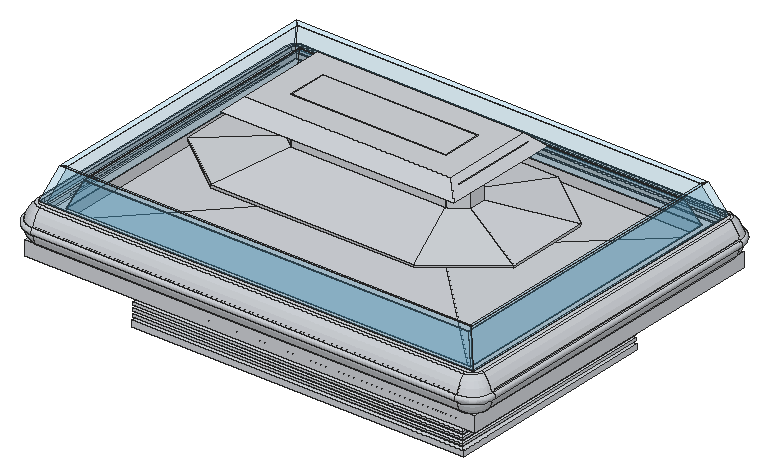
Revit family "O2IM -10BF", category Mechanical Equipment, Revit 2019
Family settings
  Round Connector Dimension = Use Radius
  Part Type = Normal
  OmniClass Number = 23.40.40.11.17
  OmniClass Title = Refrigerated Cases
  Work Plane-Based = Yes
  Always vertical = Yes
  Cut with Voids When Loaded = No
  Shared = No
  Room Calculation Point = No
Parameters (values of type "O2IM 8', 8" SD")
  WIDTH = 79 3/4"  # constant formula
  URL = "http://www.hillphoenix.com/case-model/o2im-meat/"
  THERMOPANE GLASS FRONT [instance] = yes
  PLEXI GLAS FRONT [instance] = not(THERMOPANE GLASS FRONT)  # no
  TOEKICK INSET = 1 1/2"  # constant formula
  TOEKICK HEIGHT = 5 1/2"  # constant formula
  TOE KICK [instance] = none
  SUCTION LINE RADIUS = 7/16"  # constant formula
  SUCTION LINE DIAMETER = SUCTION LINE RADIUS * 2  # 7/8"
  SUCTION LINE CONNECTION = "SUCTION LINE CONNECTION"  # constant formula
  SIZE OF HOT WATER HOOK-UP = 0"  # constant formula
  SIZE OF COLD WATER HOOK UP = 0"  # constant formula
  RUBBER BUMPER [instance] = none
  REFRIGERATION PIPING [instance] = none
  REF PLANE LEFT RIGHT = LENGTH / 2  # 52 13/16"
  REF PLANE FRONT BACK = WIDTH / 2  # 39 7/8"
  PVC PIPE [instance] = none
  PRESSURE REGULATOR = 0.00 psi  # constant formula
  PNET NUMBER = "NA"  # constant formula
  PAINTED METAL UPPER SHELF [instance] = none
  PAINTED METAL INTERIOR [instance] = none
  PAINTED METAL EXTERIOR [instance] = none
  Model = "O2IM-8'"
  Manufacturer = "HILL PHOENIX"  # constant formula
  MASTER BUMPER [instance] = none
  LIQUID LINE RADIUS = 3/16"  # constant formula
  LIQUID LINE DIAMETER = LIQUID LINE RADIUS * 2  # 3/8"
  LIQUID LINE CONNECTION = "LIQUID LINE CONNECTION"  # constant formula
  LENGTH = 105 5/8"
  LEGEND NUMBER = Model  # "O2IM-8'"
  Keynote = "Deli / Meat"  # constant formula
  HILL PHOENIX DRAWING NUMBER = "NA"  # constant formula
  HEIGHT = 45 3/16"  # constant formula
  GLASS [instance] = Glass
  FRONT PANEL [instance] = none
  EQUIPMENT MARK = "O2IM"
  ENGINEERING CONTACT = ""  # constant formula
  END PANEL [instance] = none
  Description = "Wide Multi-Deck Island Merchandiser"  # constant formula
  Default Elevation = 48"
  DRIP PAN PLUMB TYPE = "HARD"  # constant formula
  DRAIN PIPE TYPE = "PVC"  # constant formula
  DRAIN PIPE LENGTH = 0"
  DRAIN LINE RADIUS = DRAIN LINE DIAMETER / 2  # 3/4"
  DRAIN LINE DIAMETER = 1 1/2"  # constant formula
  DRAIN LINE CONNECTION = "Drain Connection"  # constant formula
  DRAIN [instance] = yes
  DISCLAIMER [instance] = yes
  DIEBOARD HEIGHT = 0"  # constant formula
  DESIGNERS NAME = "PRAVEEN.J"  # constant formula
  DATE = "05/22/12"  # constant formula
  CERTIFICATIONS = "NSF 7, UL471, CSA"  # constant formula
  BOTTOM REFRIGERATION [instance] = yes
  BOTTOM ELECTRICAL [instance] = yes
  BASE HEIGHT = 10"  # constant formula
  BASE [instance] = none
  Assembly Code = ""
Types (6): name | REF PLANE LEFT RIGHT | Model | LENGTH | LEGEND NUMBER
  O2IM-8, 10",12",14",16" SD | 52 13/16" | "O2IM-8'" | 105 5/8" | "O2IM-8'"
  O2IM-12',10",12",14",16" SD | 76 3/4" | "O2IM-12'" | 153 1/2" | "O2IM-12'"
  O2IM 8', TOP SILL SD | 52 13/16" | "O2IM-8'" | 105 5/8" | "O2IM-8'"
  O2IM 8', 8" SD | 52 13/16" | "O2IM-8'" | 105 5/8" | "O2IM-8'"
  O2IM 12', TOP SILL SD | 76 3/4" | "O2IM-12'" | 153 1/2" | "O2IM-12'"
  O2IM 12', 8" SD | 76 3/4" | "O2IM-12'" | 153 1/2" | "O2IM-12'"
Reference planes (in)
  plane 1: z = 0.01963
  plane 2 "LEFT": x = 0
  plane 3 "CASE RIGHT": x = 105.625
  plane 4 "CASE BACK": y = -13.74044
  plane 5 "CENTER(LEFT/RIGHT)": x = 52.8125
  plane 6 "CENTER(FRONT/BACK)": y = -53.61544
  plane 7: y = -93.49044
  plane 8: z = 45.1875
  plane 9: z = 10
  plane 10: z = 22
  plane 11: y = -43.26991
  plane 12: y = -63.95741
  plane 13: through (-240, -84.37072, 30.71565) normal (0, -0.9027, -0.4303)
  plane 14: through (-240, -64.71464, 46.49269) normal (0, 0.9027, 0.4303)
Forms (in)
  Sweep 1, solid, material <- "BASE"
    path origin (0, 0, 0) x (1, 0, 0) y (0, 1, 0)
      loop
        line (0, -93.49044) -> (105.625, -93.49044) -> (105.625, -13.74044) -> (0, -13.74044) -> (0, -93.49044)
    profile origin (52.8125, -93.49044, 0) x (0, 1, 0) y (0, 0, 1)
      loop
        line (15.43571, 1.23933) -> (15.43571, 0) -> (16.44467, 0) -> (16.44467, 5.75) -> (16.04671, 5.75) -> (16.04671, 5.41095)
        arc (16.04671, 5.41095) -> (15.90122, 5.05836) -> (15.54942, 4.91096) r 0.5
        line (15.54942, 4.91096) -> (15.54942, 4.41096) -> (15.62792, 4.41096) -> (16.04671, 4.49092) -> (15.90934, 4.05633)
        arc (15.90934, 4.05633) -> (15.77966, 3.82434) -> (15.54942, 3.69157) r 0.5
        line (15.54942, 3.69157) -> (15.54942, 3.19157) -> (15.62792, 3.19157) -> (16.04671, 3.27653) -> (15.90934, 2.83695)
        arc (15.90934, 2.83695) -> (15.77966, 2.60496) -> (15.54942, 2.47219) r 0.5
        line (15.54942, 2.47219) -> (15.54942, 1.97219) -> (15.62792, 1.97219) -> (16.04671, 2.05715) -> (15.90934, 1.61757)
        arc (15.90934, 1.61757) -> (15.74908, 1.33259) -> (15.43571, 1.23933) r 0.43569
  Sweep 2, solid, material <- "PAINTED METAL INTERIOR"
    path origin (0, 0, 0) x (1, 0, 0) y (0, 1, 0)
      loop
        line (0, -93.49044) -> (105.625, -93.49044) -> (105.625, -13.74044) -> (0, -13.74044) -> (0, -93.49044)
    profile origin (52.8125, -93.49044, 0) x (0, 1, 0) y (0, 0, 1)
      loop
        line (4.73876, 20.85375) -> (3.22926, 20.85375) -> (3.22926, 16.11151) -> (11.9574, 10) -> (22.87552, 10) -> (22.87552, 12.44138) -> (11.1501, 12.86578) -> (4.73876, 17.35505) -> (4.73876, 20.85375)
  Sweep 3, solid, material <- "PAINTED METAL EXTERIOR"
    path origin (0, 0, 0) x (1, 0, 0) y (0, 1, 0)
      loop
        line (5.06052, -91.42992) -> (100.56448, -91.42992)
        arc (100.56448, -91.42992) -> (102.6858, -90.55124) -> (103.56448, -88.42992) r 3
        line (103.56448, -88.42992) -> (103.56448, -18.80096)
        arc (103.56448, -18.80096) -> (102.6858, -16.67964) -> (100.56448, -15.80096) r 3
        line (100.56448, -15.80096) -> (5.06052, -15.80096)
        arc (5.06052, -15.80096) -> (2.9392, -16.67964) -> (2.06052, -18.80096) r 3
        line (2.06052, -18.80096) -> (2.06052, -88.42992)
        arc (2.06052, -88.42992) -> (2.9392, -90.55124) -> (5.06052, -91.42992) r 3
    profile origin (52.8125, -91.42992, 0) x (0, 1, 0) y (0, 0, 1)
      loop
        arc (0.97698, 26.16561) -> (0.74892, 26.12252) -> (0.55232, 25.99918) r 0.625
        arc (0.55232, 25.99918) -> (-0.68003, 24.4877) -> (-1.44756, 22.69489) r 7
        arc (-1.44756, 22.69489) -> (-0.67882, 21.99775) -> (-1.4734, 21.33019) r 0.68878
        arc (-1.4734, 21.33019) -> (-1.0581, 19.98737) -> (-0.28547, 18.8132) r 5
        arc (-0.28547, 18.8132) -> (-0.20085, 18.75074) -> (-0.09802, 18.72861) r 0.25
        line (-0.09802, 18.72861) -> (1.16874, 18.72861) -> (1.16874, 20.85375) -> (1.78136, 20.85375) -> (1.78136, 26.16561) -> (0.97698, 26.16561)
  Sweep 4, solid, material <- "BASE"
    path origin (0, 0, 0) x (1, 0, 0) y (0, 1, 0)
      loop
        arc (100.56448, -91.42992) -> (102.6858, -90.55124) -> (103.56448, -88.42992) r 3
        line (103.56448, -88.42992) -> (103.56448, -18.80096)
        arc (103.56448, -18.80096) -> (102.6858, -16.67964) -> (100.56448, -15.80096) r 3
        line (100.56448, -15.80096) -> (5.06052, -15.80096)
        arc (5.06052, -15.80096) -> (2.9392, -16.67964) -> (2.06052, -18.80096) r 3
        line (2.06052, -18.80096) -> (2.06052, -88.42992)
        arc (2.06052, -88.42992) -> (2.9392, -90.55124) -> (5.06052, -91.42992) r 3
        line (5.06052, -91.42992) -> (100.56448, -91.42992)
    profile origin (52.8125, -91.42992, 0) x (0, -1, 0) y (0, 0, 1)
      loop
        arc (1.44756, 22.69489) -> (0.67882, 21.99775) -> (1.4734, 21.33019) r 0.68878
        arc (1.4734, 21.33019) -> (2.05614, 22.02382) -> (1.44756, 22.69489) r 0.68878
  Sweep 5, solid, material <- "BASE"
    path origin (0, 0, 0) x (1, 0, 0) y (0, 1, 0)
      loop
        line (0, -93.49044) -> (105.625, -93.49044) -> (105.625, -13.74044) -> (0, -13.74044) -> (0, -93.49044)
    profile origin (52.8125, -93.49044, 0) x (0, 1, 0) y (0, 0, 1)
      loop
        line (35.345, 22.96222) -> (7.35063, 22.22916) -> (7.35063, 24.51571) -> (5.27547, 24.51571) -> (4.9991, 24.62458) -> (4.9955, 25.45109)
        arc (4.9955, 25.45109) -> (4.95014, 25.57337) -> (4.83602, 25.63648) r 0.1875
        line (4.83602, 25.63648) -> (3.84188, 25.63648) -> (3.84188, 20.85375) -> (4.73876, 20.85375) -> (4.73876, 17.35505) -> (11.1501, 12.86578) -> (22.88911, 12.44089) -> (23.48284, 11.87841) -> (24.07662, 12.44093) -> (35.345, 13.01184) -> (35.345, 22.96222)
  Sweep 6, solid, material <- "BASE"
    path origin (0, 0, 0) x (1, 0, 0) y (0, 1, 0)
      loop
        line (0, -93.49044) -> (105.625, -93.49044) -> (105.625, -13.74044) -> (0, -13.74044) -> (0, -93.49044)
    profile origin (52.8125, -93.49044, 0) x (0, 1, 0) y (0, 0, 1)
      loop
        line (32.12885, 41.11693) -> (35.345, 41.11693) -> (35.345, 45.1875) -> (29.52947, 45.1875) -> (26.62952, 42.28755) -> (28.17323, 42.28755) -> (29.07872, 43.19304) -> (31.58712, 40.59552) -> (32.12885, 41.11693)
  Extrusion 7, solid, material <- "BASE"
    sketch origin (0, 0, -1.97812) x (0, 1, 0) y (0, 0, 1)
      loop
        line (-49.08544, 24.94034) -> (-49.08544, 47.16562) -> (-58.14544, 47.16562) -> (-58.14544, 24.94034) -> (-49.08544, 24.94034)
    from 35.345 to 70.28
  Extrusion 8, solid, material <- "PAINTED METAL INTERIOR"
    sketch origin (0, 0, -1.97812) x (0, 1, 0) y (0, 0, 1)
      loop
        line (-49.08544, 24.08317) -> (-58.14544, 24.08317) -> (-58.14544, 14.98996) -> (-69.39869, 14.41982) -> (-70.00044, 13.84974) -> (-70.60133, 14.41901) -> (-73.31692, 14.5173) -> (-73.31692, 7.47812) -> (-33.91471, 7.47812) -> (-33.91471, 14.51727) -> (-36.62955, 14.41901) -> (-37.23044, 13.84974) -> (-37.83219, 14.41982) -> (-49.08544, 14.98996) -> (-49.08544, 24.08317)
    from 20.17427 to 85.45073
  Sweep 9, solid, material "Glass" <- "GLASS", visible <- "THERMOPANE GLASS FRONT"
    path origin (0, 0, 0) x (1, 0, 0) y (0, 1, 0)
      loop
        line (0, -93.49044) -> (105.625, -93.49044) -> (105.625, -13.74044) -> (0, -13.74044) -> (0, -93.49044)
    profile origin (52.8125, -93.49044, 0) x (0, 1, 0) y (0, 0, 1)
      loop
        line (6.42957, 33.27523) -> (3.84188, 26.16561) -> (3.84188, 25.63648) -> (4.77999, 25.63648) -> (7.428, 32.91183) -> (6.42957, 33.27523)
      loop
        line (7.35063, 24.44527) -> (9.56969, 29.9188)
        arc (9.56969, 29.9188) -> (9.51803, 30.0409) -> (9.39593, 29.98925) r 0.09375
        line (9.39593, 29.98925) -> (7.1483, 24.44527) -> (7.35063, 24.44527)
  Sweep 10, solid, material <- "BASE"
    path origin (0, 0, 0) x (1, 0, 0) y (0, 1, 0)
      loop
        line (0, -93.49044) -> (105.625, -93.49044) -> (105.625, -13.74044) -> (0, -13.74044) -> (0, -93.49044)
    profile origin (52.8125, -93.49044, 0) x (0, 1, 0) y (0, 0, 1)
      loop
        line (15.3825, 9.20269) -> (15.3825, 5.75) -> (20.17351, 5.75) -> (20.17351, 10) -> (16.0875, 10) -> (16.0875, 9.20269) -> (15.3825, 9.20269)
  Extrusion 11, void
    sketch origin (0, 0, 0) x (1, 0, 0) y (0, 1, 0)
      loop
        circle (25.625, -56.61544) r 1
    from 0 to 10
  Extrusion 12, solid, material <- "REFRIGERATION PIPING", visible <- "BOTTOM REFRIGERATION"
    sketch origin (0, 0, 0) x (1, 0, 0) y (0, 1, 0)
      loop
        circle (25.625, -56.20993) r 0.4375
      loop
        circle (25.64341, -57.02003) r 0.1875
    from 3.44157 to 10
  Extrusion 13, void
    sketch origin (0, 0, 0) x (1, 0, 0) y (0, 1, 0)
      loop
        circle (52.8125, -53.5957) r 1.25
    from 0 to 10
  Extrusion 14, solid, material <- "PVC PIPE", visible <- "DRAIN"
    sketch origin (0, 0, 0) x (1, 0, 0) y (0, 1, 0)
      loop
        circle (52.8125, -53.61544) r 0.75
    from 1.72219 to 10
  Extrusion 15, void
    sketch origin (0, 0, 0) x (1, 0, 0) y (0, 1, 0)
      loop
        line (85.45073, -40.03121) -> (85.45073, -33.85221) -> (70.70073, -33.85221) -> (70.70073, -40.03121) -> (85.45073, -40.03121)
    from 0 to 8.14955
  Sweep 16, solid, material <- "BASE"
    path origin (0, 0, 0) x (1, 0, 0) y (0, 1, 0)
      loop
        line (103.56448, -91.42992) -> (103.56448, -15.80096) -> (2.06052, -15.80096) -> (2.06052, -91.42992) -> (103.56448, -91.42992)
    profile origin (52.8125, -91.42992, 0) x (0, -1, 0) y (0, 0, 1)
      loop
        line (0.05002, 18.72861) -> (-1.16874, 18.72861) -> (-1.16874, 16.11151) -> (-9.47879, 10.29275) -> (-8.78236, 9.29813) -> (0.05002, 15.48263) -> (0.05002, 18.72861)
  Extrusion 17, solid, material <- "BASE"
    sketch origin (0, 0, 0) x (1, 0, 0) y (0, 1, 0)
      loop
        line (35.345, -58.14544) -> (35.345, -49.08544) -> (31.845, -51.81994) -> (31.845, -55.41094) -> (35.345, -58.14544)
      loop
        line (70.28, -58.14544) -> (73.78, -55.41094) -> (73.78, -51.81994) -> (70.28, -49.08544) -> (70.28, -58.14544)
    from 22.69489 to 42.28755
  Sweep 18, solid, material <- "BASE"
    path origin (0, 0, 0) x (1, 0, 0) y (0, 1, 0)
      loop
        line (35.2825, -58.14544) -> (70.28, -58.14544) -> (73.78, -55.41094) -> (73.78, -51.81994) -> (70.28, -49.08544) -> (35.2825, -49.08544) -> (31.7825, -51.81994) -> (31.7825, -55.41094) -> (35.2825, -58.14544)
    profile origin (52.78125, -58.14544, 0) x (0, 1, 0) y (0, 0, 1)
      loop
        line (0, 32.25287) -> (0, 34.58089) -> (-15.75692, 31.80252) -> (-15.66467, 31.27934) -> (-10.73957, 32.14777) -> (-10.69616, 31.90157) -> (0, 32.25287)
  Sweep 19, solid, material "Glass" <- "GLASS", visible <- "PLEXI GLAS FRONT"
    path origin (0, 0, 0) x (1, 0, 0) y (0, 1, 0)
      loop
        line (105.625, -13.74044) -> (0, -13.74044) -> (0, -93.49044) -> (105.625, -93.49044) -> (105.625, -13.74044)
    profile origin (52.8125, -13.74044, 0) x (0, -1, 0) y (0, 0, 1)
      loop
        arc (7.26277, 34.67515) -> (5.42966, 32.15209) -> (4.78125, 29.10157) r 7.5
        line (4.78125, 29.10157) -> (4.78125, 24.71039) -> (5.28125, 24.51344) -> (5.28125, 29.10157)
        arc (5.28125, 29.10157) -> (5.88413, 31.94975) -> (7.59734, 34.30358) r 6.97344
        line (7.59734, 34.30358) -> (7.26277, 34.67515)
      loop
        line (7.35063, 30.87466) -> (7.35063, 23.43716) -> (7.60063, 23.43716) -> (7.60063, 30.87466)
        arc (7.60063, 30.87466) -> (7.47563, 30.99966) -> (7.35063, 30.87466) r 0.125
  Sweep 20, solid, material <- "TOE KICK"
    path origin (0, 4.53962, 0) x (1, 0, 0) y (0, 1, 0)
      loop
        line (15.3825, -82.64756) -> (90.2425, -82.64756) -> (90.2425, -33.66256) -> (15.3825, -33.66256) -> (15.3825, -82.64756)
    profile origin (52.8125, -78.10794, 0) x (0, 1, 0) y (0, 0, 1)
      loop
        line (3.3675, 5.75) -> (1.06217, 5.75) -> (1.06217, 0) -> (3.3675, 0) -> (3.3675, 5.75)
Cuts and joins
  Extrusion 11, Extrusion 13, Extrusion 15 cuts Sweep 1
  Extrusion 11, Extrusion 13, Extrusion 15 cuts Extrusion 8
  Extrusion 11, Extrusion 13, Extrusion 15 cuts Sweep 10
Dimensions and locks (in)
  "REF PLANE LEFT RIGHT": plane 2 "LEFT" to plane 5 "CENTER(LEFT/RIGHT)"
  "LENGTH": plane 2 "LEFT" to plane 3 "CASE RIGHT"
  "REF PLANE FRONT BACK": plane 6 "CENTER(FRONT/BACK)" to plane 4 "CASE BACK"
  "WIDTH": plane 4 "CASE BACK" to plane 7
  locked: Extrusion 7 to plane 3 "CASE RIGHT" at 35.345
  locked: Extrusion 8 to plane 3 "CASE RIGHT" at 20.17427
  locked: Extrusion 13 sketch curve to plane 5 "CENTER(LEFT/RIGHT)" at 1.25
  locked: plane 5 "CENTER(LEFT/RIGHT)" to Extrusion 14 sketch curve at 0.75
  Extrusion 15 sketch curve to plane 3 "CASE RIGHT" = 20.17427"
  locked: Extrusion 15 sketch curve to Extrusion 15 sketch curve at 14.75
  locked: nested 1 to plane 3 "CASE RIGHT" at 26.92427
  "HEIGHT": plane 8 to level
  locked: Extrusion 7 to Extrusion 17 sketch curve at 0
  locked: Extrusion 7 to Extrusion 17 sketch curve at 3.5
  locked: Sweep 18 sketch curve to Extrusion 17
  locked: plane 2 "LEFT" to Extrusion 11 sketch curve at 25.625
  plane 6 "CENTER(FRONT/BACK)" to plane 7 = 39 7/8"
  plane 6 "CENTER(FRONT/BACK)" to cut or joined group of Sweep 1, Extrusion 11, Extrusion 13, Extrusion 15 = 24.43929"
  plane 6 "CENTER(FRONT/BACK)" to Sweep 20 = 21 1/8"
  Sweep 2 to level = 10"
  plane 10 to level = 22"
  Sweep 9 to level = 33.27523"
  plane 11 to plane 12 = 20 11/16"
  Sweep 20 to Sweep 20 = 42 1/4"
  Extrusion 7 to Sweep 5 = 27.99437"
  Sweep 6 to Sweep 5 = 18.36636"
  plane 14 to plane 13 = 24.53229"
  Sweep 18 to Sweep 18 = 16"
  locked: plane 2 "LEFT" to Sweep 18 sketch curve at 31.7825
  locked: plane 2 "LEFT" to Extrusion 17 sketch curve at 31.845
  aligned: Extrusion 7 to Sweep 5
  aligned and locked: plane 3 "CASE RIGHT" to Sweep 6 sketch curve
  aligned and locked: plane 3 "CASE RIGHT" to Sweep 5 sketch curve
  aligned and locked: plane 3 "CASE RIGHT" to Sweep 9 sketch curve
Automatic sketch dimensions
  Sweep 1 sketch curve to plane 2 "LEFT" = 0"
  Sweep 1 sketch curve to plane 3 "CASE RIGHT" = 0"
  plane 7 to Sweep 1 sketch curve = 0"
  plane 4 "CASE BACK" to Sweep 1 sketch curve = 0"
  Sweep 1 sketch curve to level = 0"
  level to Sweep 1 sketch curve = 4.17552"
  Sweep 1 sketch curve to profile plane = 15.42376"
  Sweep 1 sketch curve to Sweep 1 sketch curve = 0"
  Sweep 1 sketch curve to Sweep 1 sketch curve = 0.01195"
  Sweep 1 sketch curve to Sweep 1 sketch curve = 0.04149"
  Sweep 1 sketch curve to Sweep 1 sketch curve = 0.12295"
  Sweep 1 sketch curve to Sweep 1 sketch curve = 0.12566"  (x2)
  Sweep 1 sketch curve to Sweep 1 sketch curve = 0.07223"
  level to Sweep 1 sketch curve = 4.41096"
  Sweep 1 sketch curve to Sweep 1 sketch curve = 0.0785"  (x3)
  level to Sweep 1 sketch curve = 4.05633"
  Sweep 1 sketch curve to Sweep 1 sketch curve = 0.28142"  (x2)
  level to Sweep 1 sketch curve = 1.61757"
  Sweep 1 sketch curve to Sweep 1 sketch curve = 0.43215"
  level to Sweep 1 sketch curve = 2.83695"
  level to Sweep 1 sketch curve = 4.49092"
  Sweep 1 sketch curve to Sweep 1 sketch curve = 0.41879"  (x3)
  level to Sweep 1 sketch curve = 3.27653"
  level to Sweep 1 sketch curve = 2.05715"
  Sweep 1 sketch curve to Sweep 1 sketch curve = 1/2"  (x3)
  Sweep 1 sketch curve to Sweep 1 sketch curve = 1.00896"
  Sweep 1 sketch curve to Sweep 1 sketch curve = 0.37824"
  Sweep 1 sketch curve to Sweep 1 sketch curve = 0.29915"
  Sweep 1 sketch curve to Sweep 1 sketch curve = 0.23543"
  Sweep 1 sketch curve to Sweep 1 sketch curve = 0.33905"
  Sweep 2 sketch curve to plane 2 "LEFT" = 0"
  Sweep 2 sketch curve to plane 3 "CASE RIGHT" = 0"
  plane 7 to Sweep 2 sketch curve = 0"
  plane 4 "CASE BACK" to Sweep 2 sketch curve = 0"
  Sweep 2 sketch curve to profile plane = 3.22926"
  Sweep 2 sketch curve to Sweep 2 sketch curve = 1.5095"
  Sweep 2 sketch curve to Sweep 2 sketch curve = 6.41134"
  Sweep 2 sketch curve to Sweep 2 sketch curve = 0.8073"
  Sweep 2 sketch curve to Sweep 2 sketch curve = 10.91812"
  level to Sweep 2 sketch curve = 10"
  Sweep 2 sketch curve to Sweep 2 sketch curve = 2.44138"
  Sweep 2 sketch curve to Sweep 2 sketch curve = 2.86578"
  Sweep 2 sketch curve to Sweep 2 sketch curve = 3.24573"
  Sweep 2 sketch curve to Sweep 2 sketch curve = 1.24354"
  Sweep 2 sketch curve to Sweep 2 sketch curve = 3.4987"
  plane 2 "LEFT" to Sweep 3 sketch curve = 2.06052"
  plane 4 "CASE BACK" to Sweep 3 sketch curve = 2.06052"
  Sweep 3 sketch curve to Sweep 3 sketch curve = 3"  (x2)
  Sweep 3 sketch curve to plane 3 "CASE RIGHT" = 5.06052"  (x2)
  Sweep 3 sketch curve to plane 3 "CASE RIGHT" = 2.06052"
  Sweep 3 sketch curve to plane 7 = 5.06052"
  profile plane to Sweep 3 sketch curve = 1.36748"
  profile plane to Sweep 3 sketch curve = 0.09802"
  Sweep 3 sketch curve to profile plane = 0.97698"
  Sweep 3 sketch curve to profile plane = 1.16874"
  Sweep 3 sketch curve to Sweep 3 sketch curve = 0.61262"
  Sweep 3 sketch curve to Sweep 3 sketch curve = 1.68224"
  Sweep 3 sketch curve to Sweep 3 sketch curve = 1.84493"
  level to Sweep 3 sketch curve = 18.72861"
  Sweep 3 sketch curve to Sweep 3 sketch curve = 1/4"
  Sweep 3 sketch curve to Sweep 3 sketch curve = 2.12514"
  Sweep 3 sketch curve to Sweep 3 sketch curve = 0.00944"
  Sweep 3 sketch curve to Sweep 3 sketch curve = 1.15703"
  Sweep 3 sketch curve to Sweep 3 sketch curve = 1.26769"
  Sweep 3 sketch curve to Sweep 3 sketch curve = 3.41917"
  Sweep 3 sketch curve to Sweep 3 sketch curve = 5/8"
  Sweep 3 sketch curve to Sweep 3 sketch curve = 0.08008"
  Sweep 3 sketch curve to Sweep 3 sketch curve = 0.10591"
  Sweep 3 sketch curve to Sweep 3 sketch curve = 0"
  plane 2 "LEFT" to Sweep 4 sketch curve = 2.06052"
  plane 4 "CASE BACK" to Sweep 4 sketch curve = 2.06052"
  Sweep 4 sketch curve to Sweep 4 sketch curve = 3"  (x2)
  Sweep 4 sketch curve to plane 7 = 2.06052"
  Sweep 4 sketch curve to plane 3 "CASE RIGHT" = 5.06052"  (x2)
  Sweep 4 sketch curve to plane 3 "CASE RIGHT" = 2.06052"
  Sweep 4 sketch curve to Sweep 4 sketch curve = 0"  (x2)
  Sweep 4 sketch curve to profile plane = 1.36748"
  level to Sweep 4 sketch curve = 22.01078"
  Sweep 4 sketch curve to Sweep 4 sketch curve = 0.08008"
  Sweep 4 sketch curve to Sweep 4 sketch curve = 0.10591"
  Sweep 4 sketch curve to Sweep 4 sketch curve = 0.68059"
  Sweep 5 sketch curve to plane 2 "LEFT" = 0"
  plane 7 to Sweep 5 sketch curve = 0"
  plane 4 "CASE BACK" to Sweep 5 sketch curve = 0"
  Sweep 5 sketch curve to profile plane = 3.84188"
  Sweep 5 sketch curve to Sweep 5 sketch curve = 0.89688"
  Sweep 5 sketch curve to Sweep 5 sketch curve = 0.96612"
  Sweep 5 sketch curve to Sweep 5 sketch curve = 0.02802"
  Sweep 5 sketch curve to Sweep 5 sketch curve = 3/16"
  Sweep 5 sketch curve to Sweep 5 sketch curve = 0.0036"
  Sweep 5 sketch curve to Sweep 5 sketch curve = 0.27637"
  Sweep 5 sketch curve to Sweep 5 sketch curve = 2.07516"
  Sweep 5 sketch curve to Sweep 5 sketch curve = 6.41134"
  Sweep 5 sketch curve to Sweep 5 sketch curve = 11.73901"
  Sweep 5 sketch curve to Sweep 5 sketch curve = 19/32"
  Sweep 5 sketch curve to Sweep 5 sketch curve = 0.59378"
  level to Sweep 5 sketch curve = 13.01184"
  Sweep 5 sketch curve to Sweep 5 sketch curve = 11.26838"
  level to Sweep 5 sketch curve = 12.86578"
  Sweep 5 sketch curve to Sweep 5 sketch curve = 0.5709"
  Sweep 5 sketch curve to Sweep 5 sketch curve = 0.00004"
  Sweep 5 sketch curve to Sweep 5 sketch curve = 9/16"
  Sweep 5 sketch curve to Sweep 5 sketch curve = 4.48927"
  Sweep 5 sketch curve to Sweep 5 sketch curve = 3.4987"
  Sweep 5 sketch curve to Sweep 5 sketch curve = 1.37541"
  Sweep 5 sketch curve to Sweep 5 sketch curve = 9.95038"
  Sweep 5 sketch curve to Sweep 5 sketch curve = 2.28656"
  Sweep 5 sketch curve to Sweep 5 sketch curve = 0.10887"
  Sweep 5 sketch curve to Sweep 5 sketch curve = 0.82651"
  Sweep 6 sketch curve to plane 2 "LEFT" = 0"
  plane 7 to Sweep 6 sketch curve = 0"
  plane 4 "CASE BACK" to Sweep 6 sketch curve = 0"
  Sweep 6 sketch curve to profile plane = 26.62952"
  Sweep 6 sketch curve to Sweep 6 sketch curve = 1.54371"
  Sweep 6 sketch curve to Sweep 6 sketch curve = 0.90549"  (x2)
  Sweep 6 sketch curve to Sweep 6 sketch curve = 0.45075"
  Sweep 6 sketch curve to Sweep 6 sketch curve = 2.5084"
  Sweep 6 sketch curve to Sweep 6 sketch curve = 0.54174"
  Sweep 6 sketch curve to Sweep 6 sketch curve = 3.21615"
  level to Sweep 6 sketch curve = 40.59552"
  Sweep 6 sketch curve to Sweep 6 sketch curve = 0.52141"
  Sweep 6 sketch curve to Sweep 6 sketch curve = 1.69203"
  Sweep 6 sketch curve to Sweep 6 sketch curve = 1.99446"
  Extrusion 7 sketch curve to plane 8 = 0"
  plane 6 "CENTER(FRONT/BACK)" to Extrusion 7 sketch curve = 4.53"
  Extrusion 7 sketch curve to plane 6 "CENTER(FRONT/BACK)" = 4.53"
  plane 9 to Extrusion 7 sketch curve = 12.96222"
  plane 9 to Extrusion 8 sketch curve = 2.53918"
  plane 6 "CENTER(FRONT/BACK)" to Extrusion 8 sketch curve = 19.70149"
  plane 9 to Extrusion 8 sketch curve = 2.44089"  (x2)
  Extrusion 8 sketch curve to Extrusion 8 sketch curve = 2.7156"
  plane 9 to Extrusion 8 sketch curve = 1.87162"  (x2)
  Extrusion 8 sketch curve to Extrusion 8 sketch curve = 0.60089"  (x2)
  plane 9 to Extrusion 8 sketch curve = 2.4417"  (x2)
  Extrusion 8 sketch curve to Extrusion 8 sketch curve = 0.60175"  (x2)
  plane 6 "CENTER(FRONT/BACK)" to Extrusion 8 sketch curve = 4.53"
  Extrusion 8 sketch curve to plane 6 "CENTER(FRONT/BACK)" = 4.53"
  Extrusion 8 sketch curve to Extrusion 8 sketch curve = 11.25325"
  Extrusion 8 sketch curve to Extrusion 8 sketch curve = 2 183/256"
  Extrusion 8 sketch curve to plane 9 = 4 1/2"
  plane 9 to Extrusion 8 sketch curve = 2.53915"
  plane 9 to Extrusion 8 sketch curve = 3.01184"  (x2)
  Extrusion 8 sketch curve to Extrusion 8 sketch curve = 9.09322"
  Sweep 9 sketch curve to plane 2 "LEFT" = 0"
  plane 7 to Sweep 9 sketch curve = 0"
  plane 4 "CASE BACK" to Sweep 9 sketch curve = 0"
  Sweep 9 sketch curve to profile plane = 3.84188"
  Sweep 9 sketch curve to Sweep 9 sketch curve = 0.9381"
  Sweep 9 sketch curve to profile plane = 6.42957"
  Sweep 9 sketch curve to Sweep 9 sketch curve = 2.36832"
  Sweep 9 sketch curve to Sweep 9 sketch curve = 0.20232"
  Sweep 9 sketch curve to Sweep 9 sketch curve = 0.99842"
  Sweep 9 sketch curve to Sweep 9 sketch curve = 1.96793"
  Sweep 9 sketch curve to Sweep 9 sketch curve = 0.08688"  (x2)
  level to Sweep 9 sketch curve = 24.44527"
  Sweep 9 sketch curve to Sweep 9 sketch curve = 1.19122"
  Sweep 9 sketch curve to Sweep 9 sketch curve = 0.52913"
  Sweep 9 sketch curve to Sweep 9 sketch curve = 2.99303"
  Sweep 9 sketch curve to Sweep 9 sketch curve = 0.03522"
  Sweep 10 sketch curve to plane 2 "LEFT" = 0"
  Sweep 10 sketch curve to plane 3 "CASE RIGHT" = 0"
  plane 7 to Sweep 10 sketch curve = 0"
  plane 4 "CASE BACK" to Sweep 10 sketch curve = 0"
  Sweep 10 sketch curve to profile plane = 15.3825"
  Sweep 10 sketch curve to Sweep 10 sketch curve = 0.705"
  Sweep 10 sketch curve to Sweep 10 sketch curve = 4.08601"
  level to Sweep 10 sketch curve = 5 3/4"
  Sweep 10 sketch curve to Sweep 10 sketch curve = 3.45269"
  Sweep 10 sketch curve to Sweep 10 sketch curve = 0.79731"
  plane 6 "CENTER(FRONT/BACK)" to Extrusion 11 sketch curve = 3"
  plane 6 "CENTER(FRONT/BACK)" to Extrusion 12 sketch curve = 2.5945"
  plane 2 "LEFT" to Extrusion 12 sketch curve = 25 5/8"
  Extrusion 12 sketch curve to Extrusion 12 sketch curve = 0.01841"
  Extrusion 12 sketch curve to Extrusion 12 sketch curve = 0.8101"
  Extrusion 13 sketch curve to plane 5 "CENTER(LEFT/RIGHT)" = 0"
  Extrusion 13 sketch curve to plane 6 "CENTER(FRONT/BACK)" = 0.01974"
  Extrusion 14 sketch curve to plane 5 "CENTER(LEFT/RIGHT)" = 0"
  plane 6 "CENTER(FRONT/BACK)" to Extrusion 14 sketch curve = 0"
  Extrusion 15 sketch curve to plane 6 "CENTER(FRONT/BACK)" = 13.58423"
  Extrusion 15 sketch curve to Extrusion 15 sketch curve = 6.179"
  plane 2 "LEFT" to Sweep 16 sketch curve = 2.06052"
  Sweep 16 sketch curve to plane 3 "CASE RIGHT" = 2.06052"
  Sweep 16 sketch curve to plane 7 = 2.06052"
  plane 4 "CASE BACK" to Sweep 16 sketch curve = 2.06052"
  profile plane to Sweep 16 sketch curve = 9.47879"
  Sweep 16 sketch curve to Sweep 16 sketch curve = 0.69644"
  profile plane to Sweep 16 sketch curve = 1.16874"
  Sweep 16 sketch curve to profile plane = 0.05002"
  level to Sweep 16 sketch curve = 9.29813"
  Sweep 16 sketch curve to Sweep 16 sketch curve = 0.99461"
  Sweep 16 sketch curve to Sweep 16 sketch curve = 2.6171"
  plane 6 "CENTER(FRONT/BACK)" to Extrusion 17 sketch curve = 4.53"  (x2)
  Extrusion 17 sketch curve to plane 6 "CENTER(FRONT/BACK)" = 1.7955"  (x2)
  Extrusion 17 sketch curve to Extrusion 17 sketch curve = 3 1/2"
  plane 6 "CENTER(FRONT/BACK)" to Extrusion 17 sketch curve = 1.7955"  (x2)
  Extrusion 17 sketch curve to Extrusion 17 sketch curve = 2.7345"  (x2)
  Sweep 18 sketch curve to Sweep 18 sketch curve = 3 1/2"  (x4)
  Sweep 18 sketch curve to plane 6 "CENTER(FRONT/BACK)" = 4.53"
  Sweep 18 sketch curve to plane 6 "CENTER(FRONT/BACK)" = 1.7955"  (x2)
  plane 6 "CENTER(FRONT/BACK)" to Sweep 18 sketch curve = 1.7955"  (x2)
  Sweep 18 sketch curve to Sweep 18 sketch curve = 2.7345"
  Sweep 18 sketch curve to profile plane = 0"
  profile plane to Sweep 18 sketch curve = 10.69616"
  Sweep 18 sketch curve to Sweep 18 sketch curve = 0.04341"
  Sweep 18 sketch curve to Sweep 18 sketch curve = 4.9251"
  Sweep 18 sketch curve to Sweep 18 sketch curve = 0.09225"
  level to Sweep 18 sketch curve = 31.27934"
  Sweep 18 sketch curve to Sweep 18 sketch curve = 0.52318"
  Sweep 18 sketch curve to Sweep 18 sketch curve = 2.32802"
  Sweep 19 sketch curve to plane 2 "LEFT" = 0"
  Sweep 19 sketch curve to plane 3 "CASE RIGHT" = 0"
  plane 7 to Sweep 19 sketch curve = 0"
  plane 4 "CASE BACK" to Sweep 19 sketch curve = 0"
  Sweep 19 sketch curve to profile plane = 4 25/32"
  Sweep 19 sketch curve to Sweep 19 sketch curve = 1/2"
  Sweep 19 sketch curve to Sweep 19 sketch curve = 1.98152"
  Sweep 19 sketch curve to Sweep 19 sketch curve = 2.06938"
  Sweep 19 sketch curve to Sweep 19 sketch curve = 1/8"
  Sweep 19 sketch curve to Sweep 19 sketch curve = 0.33457"
  Sweep 19 sketch curve to Sweep 19 sketch curve = 4.65406"
  Sweep 19 sketch curve to Sweep 19 sketch curve = 0.02657"
  level to Sweep 19 sketch curve = 23.43716"
  Sweep 19 sketch curve to Sweep 19 sketch curve = 1.07628"
  Sweep 19 sketch curve to Sweep 19 sketch curve = 0.19696"
  Sweep 19 sketch curve to Sweep 19 sketch curve = 5.66441"
  Sweep 19 sketch curve to Sweep 19 sketch curve = 0"
  Sweep 19 sketch curve to Sweep 19 sketch curve = 0.01183"
  Sweep 19 sketch curve to Sweep 19 sketch curve = 1.77309"
  Sweep 20 sketch curve to profile plane = 1.06217"
  Sweep 20 sketch curve to Sweep 20 sketch curve = 2.30533"
  level to Sweep 20 sketch curve = 5 3/4"
  Sweep 20 sketch curve to level = 0"
  Sweep 20 sketch curve to plane 3 "CASE RIGHT" = 15.3825"
  Sweep 20 sketch curve to plane 7 = 15.3825"
  plane 2 "LEFT" to Sweep 20 sketch curve = 15.3825"
  plane 4 "CASE BACK" to Sweep 20 sketch curve = 15.3825"
  radius of Extrusion 11 sketch curve = 1"
  radius of Extrusion 12 sketch curve = 7/16"
  radius of Extrusion 12 sketch curve = 3/16"
Nested families (in)
  nested 1: "Junction Boxes - Load 4X12" at (78.70073, -36.91471, 5.5) x (0, 1, 0) z (0, 0, 1), visible <- "BOTTOM ELECTRICAL", type "4" Square 120 - 1"
    with Power Factor 1, Load 500 VA
Connectors (in)
  piping at (52.8125, -53.61544, 1.72219), diameter 1.5, driven by "DRAIN LINE RADIUS", driven by "DRAIN LINE CONNECTION"
    settings: on Extrusion 14, index 1, connector inside diameter 1 1/2", connector length 0", flow factor 0, pipe flow 0 GPM, pressure drop 0.00 psi, fitting loss kfactor 0, connector angle 0.000°, fixture units 0, engagement length 0", angle of deflection 0.000°, flow configuration 0, flow direction 2, fitting loss method 0, system type 22, joint type 0, gender type 0, connector reference index -1, connector utility 0, adjustable connector no, is connector primary yes, connector description "Drain Connection"
  piping at (25.625, -56.20993, 3.44157), diameter 0.875, driven by "SUCTION LINE RADIUS", driven by "SUCTION LINE CONNECTION"
    settings: on Extrusion 12, index 2, connector inside diameter 7/8", connector length 0", flow factor 0, pipe flow 0 GPM, pressure drop 0.00 psi, fitting loss kfactor 0, connector angle 0.000°, fixture units 0, engagement length 0", angle of deflection 0.000°, flow configuration 0, flow direction 2, fitting loss method 0, system type 22, joint type 0, gender type 0, connector reference index -1, connector utility 0, adjustable connector no, is connector primary no, connector description "SUCTION LINE CONNECTION"
  piping at (25.64341, -57.02003, 3.44157), diameter 0.375, driven by "LIQUID LINE RADIUS", driven by "LIQUID LINE CONNECTION"
    settings: on Extrusion 12, index 3, connector inside diameter 3/8", connector length 0", flow factor 0, pipe flow 0 GPM, pressure drop 0.00 psi, fitting loss kfactor 0, connector angle 0.000°, fixture units 0, engagement length 0", angle of deflection 0.000°, flow configuration 0, flow direction 1, fitting loss method 0, system type 22, joint type 0, gender type 0, connector reference index -1, connector utility 0, adjustable connector no, is connector primary no, connector description "LIQUID LINE CONNECTION"
  electrical at (82.02619, -37.10202, 5.5)
    settings: on nested 1, index 4, voltage 120 V, apparent load 0 VA, apparent load phase1 135.6 VA, apparent load phase2 0 VA, apparent load phase3 0 VA, power factor 1, load classification "Other", number of poles 1, system type 31, power factor state 1, is connector primary yes, connector utility no, sub classification motor no, connector description "FAN AND ANTI SWEAT CONNECTOR"
  electrical at (77.16427, -37.29011, 5.5)
    settings: on nested 1, index 5, voltage 120 V, apparent load 0 VA, apparent load phase1 206.4 VA, apparent load phase2 0 VA, apparent load phase3 0 VA, power factor 1, load classification "Other", number of poles 1, system type 31, power factor state 1, is connector primary no, connector utility no, sub classification motor no, connector description "LIGHTING CONNECTOR"
Definition of nested family "Junction Boxes - Load 4X12"
  Parameters
    Width = 12"
    Voltage = 120 V
    Power Factor [instance] = 1
    Number of Poles = 1
    Load Classification = none
    Load [instance] = 500 VA
    Height = 4"
    Depth = 2 1/8"
    Default Elevation = 48"
    Assembly Code = ""
  Reference planes (in)
    plane 1 "Center (Front/Back)": y = 0
    plane 2: z = 0
    plane 3 "Center (Left/Right)": x = 0
    plane 4: y = 6
    plane 5: y = -6
    plane 6: x = -2
    plane 7: x = 2
    plane 8: z = 2.125
  Forms (in)
    Extrusion 1, solid
      sketch origin (0, 0, 0) x (1, 0, 0) y (0, 1, 0)
        loop
          line (-2, 6) -> (-2, -6) -> (2, -6) -> (2, 6) -> (-2, 6)
      from 0 to 2.125
  Lines and regions (in)
    symbolic lines, detail levels fine
      curve 1: line (-2, 6, 0) -> (2, 6, 0)
      curve 2: line (-2, -6, 0) -> (-2, 6, 0)
      curve 3: line (2, -6, 0) -> (-2, -6, 0)
      curve 4: line (2, 6, 0) -> (2, -6, 0)
  Dimensions and locks (in)
    equal spacing: plane 6, plane 3 "Center (Left/Right)", plane 7
    equal spacing: plane 4, plane 1 "Center (Front/Back)", plane 5
    "Height": plane 6 to plane 7
    "Width": plane 4 to plane 5
    "Depth": level to plane 8
    aligned and locked: plane 6 to Extrusion 1 sketch curve
    aligned and locked: Extrusion 1 sketch curve to plane 4
    aligned and locked: plane 5 to Extrusion 1 sketch curve
    aligned and locked: plane 7 to Extrusion 1 sketch curve
    aligned: plane 8 to Extrusion 1
    aligned and locked: plane 1 "Center (Front/Back)" to nested 1
    aligned and locked: plane 3 "Center (Left/Right)" to nested 1
  Automatic sketch dimensions
    curve 3 to plane 5 = 0"
    curve 3 to plane 6 = 0"
    curve 3 to plane 7 = 0"
    curve 2 to plane 4 = 0"
  Nested families (in)
    nested 1: "Junction Boxes Annotation" at (0, 0, 0), type "Junction Boxes Annotation", detail levels coarse+medium
  Connectors (in)
    electrical at (0, 0, 2.125), driven by "Power Factor", driven by "Load", driven by "Voltage", driven by "Load", driven by "Number of Poles", driven by "Load Classification"
      settings: on Extrusion 1, index 1, voltage 120 V, apparent load 500 VA, apparent load phase1 500 VA, apparent load phase2 0 VA, apparent load phase3 0 VA, power factor 1, load classification none, number of poles 1, system type 30, power factor state 1, is connector primary yes, connector utility no, sub classification motor no, connector description ""
  Definition of nested family "Junction Boxes Annotation"
    Parameters
      Label = "J"
    Reference planes (in)
      plane 1: y = 0
      plane 2: x = 0
    Lines and regions (in)
      detail lines
        curve 1: circle (0, 0, 0) r 0.09375 normal (0, 0, 1)
    Text (in)
      label "J" at (-0.02653, -0.0091, 0), shows "Label"
    Dimensions and locks (in)
      aligned and locked: plane 1 to curve 1
      aligned and locked: plane 2 to curve 1
